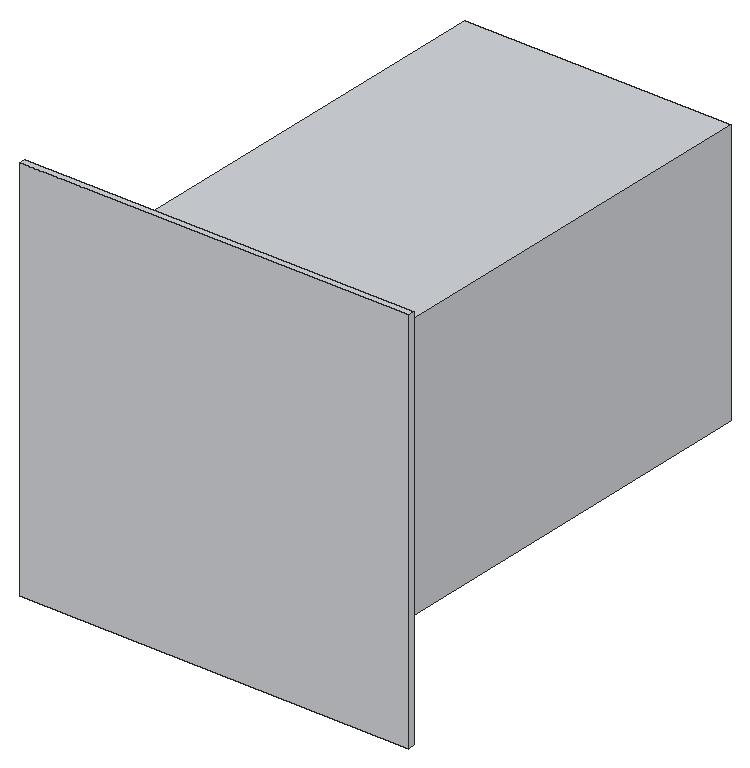
Revit family
Parameters
  URL = "http://www.anemostat.com"
  Type Comments = "Maximum Security Risk Resistant Grille with Steel Perforated Face"
  Sleeve Length User Defined = 14"
  Model = "ASSG-RR"
  Manufacturer = "Anemostat"
  Overall Width = Duct Width User Defined + 3 1/2"  # 11 1/2"
  Overall Height = Duct Height User Defined + 3 1/2"  # 11 1/2"
  Duct Width User Defined = 8"
  Duct Height User Defined = 8"
Reference planes (in)
  plane 1 "Center (Front/Back)": y = 0
  plane 2: z = 0
  plane 3 "Center (Left/Right)": x = 0
  plane 4: x = -5.75
  plane 5: x = 5.75
  plane 6: z = 11.5
  plane 7 "Back of Grille": y = 14
  plane 8: x = 3.9375
  plane 9: x = -3.9375
  plane 10: z = 1.8125
  plane 11: z = 9.6875
Forms (in)
  Extrusion 1, solid
    sketch origin (0, 0, 0) x (1, 0, 0) y (0, 0, 1)
      loop
        line (-5.75, 11.5) -> (-5.75, 0) -> (5.75, 0) -> (5.75, 11.5) -> (-5.75, 11.5)
    from 0 to 0.1875
  Extrusion 2, solid
    sketch origin (0, 14, 0) x (0, 0, 1) y (-1, 0, 0)
      loop
        line (9.6875, -3.9375) -> (9.6875, 3.9375) -> (1.8125, 3.9375) -> (1.8125, -3.9375) -> (9.6875, -3.9375)
    from 0 to 14 <- "Sleeve Length User Defined"
  Extrusion 3, void
    sketch origin (0, 14, 0) x (0, 0, 1) y (-1, 0, 0)
      loop
        line (9.6075, -3.8575) -> (9.6075, 3.8575) -> (1.8925, 3.8575) -> (1.8925, -3.8575) -> (9.6075, -3.8575)
    from 0 to 14 <- "Sleeve Length User Defined"
Cuts and joins
  Extrusion 3 cuts Extrusion 1
  Extrusion 3 cuts Extrusion 2
Dimensions and locks (in)
  equal spacing: plane 5, plane 3 "Center (Left/Right)", plane 4
  "Overall Width": plane 5 to plane 4
  "Overall Height": plane 6 to level
  "Sleeve Length User Defined": plane 7 "Back of Grille" to plane 1 "Center (Front/Back)"
  locked: plane 8 to plane 5 at 1.8125
  locked: plane 4 to plane 9 at 1.8125
  locked: plane 11 to plane 6 at 1.8125
  locked: level to plane 10 at 1.8125
  aligned and locked: plane 4 to Extrusion 1 sketch curve
  aligned and locked: Extrusion 1 sketch curve to plane 6
  aligned and locked: level to Extrusion 1 sketch curve
  aligned and locked: Extrusion 1 sketch curve to plane 5
  aligned and locked: plane 8 to Extrusion 2 sketch curve
  aligned and locked: plane 11 to Extrusion 2 sketch curve
  aligned and locked: plane 10 to Extrusion 2 sketch curve
  aligned and locked: plane 9 to Extrusion 2 sketch curve
Automatic sketch dimensions
  plane 10 to Extrusion 3 sketch curve = 0.08"
  Extrusion 3 sketch curve to plane 11 = 0.08"
  plane 8 to Extrusion 3 sketch curve = 0.08"
  Extrusion 3 sketch curve to plane 9 = 0.08"
Connectors (in)
  hvac at (0, 14, 5.75), driven by "Duct Width User Defined", driven by "Duct Height User Defined"
    settings: on cut or joined group of Extrusion 2, Extrusion 3, index 1
